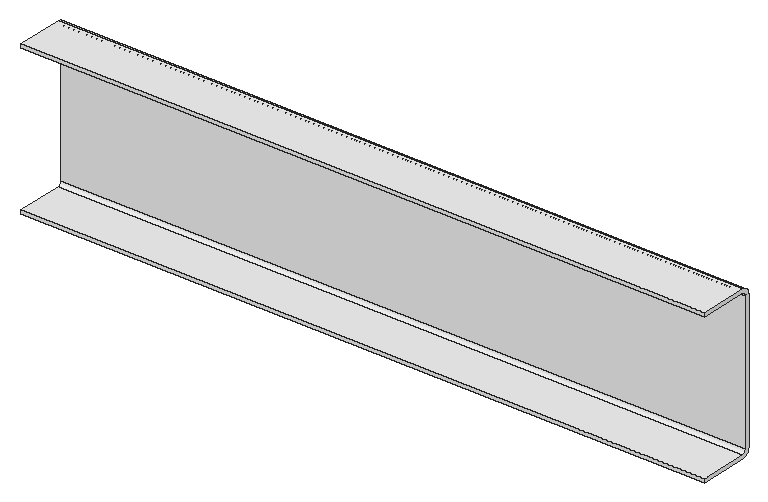
Revit family "Manômetro de luz - Guias da forração", category Quadro estrutural, Revit 2019
Family settings
  Arredondamento do comprimento do framing estrutural = 0 mm
  Forma do corte = Não definido
  Material para o comportamento do modelo = Aço
  Exportar sempre como geometria = Não
  Número OmniClass = 23.25.30.11.14.14
  Título OmniClass = Beams
  ID de item do Seek = Light Gauge-Furring Channels-0000-CAN-ENU
  Sempre na vertical = Sim
  Corte com vazios quando carregada = Não
  Representação simbólica = Das configurações de projeto
  Compartilhado = Não
  Exibir o pré-corte da família na vista da planta = Sim
Parameters (values of type "U250x90x6.0")
  t = 6 mm
  Structural Material [instance] = Aço leve galvaniado
  R = 2 * t  # 12 mm
  r = t  # 6 mm
  ey = 27.8 mm
  W = 0.01915
  B = 90 mm
  D = 250 mm
  Código de montagem = "B10"
  Length [instance] = 1500 mm
  A = 2439.00 mm²
Reference planes
  plane 1 "Centro (Frente/Trás)": y = 0
  plane 2: z = 0
  plane 3 "Centro (Esquerda/Direita)": x = 0.008
  plane 4 "Membro esquerdo": x = -556.99
  plane 5 "Membro direito": x = 566.21
  plane 6 "Superior": z = 125
  plane 7: z = -125
  plane 8 "Esquerda": x = -757.39
  plane 9 "Direita": x = 742.61
  plane 10: y = -62.2
  plane 11: y = 27.8
Forms (mm)
  Sweep 1, solid, material "Aço leve galvaniado" <- "Structural Material", detail levels medium
    path origin (0, 0, 0) x (1, 0, 0) y (0, 1, 0)
      loop
        line (566.21, 0) -> (-556.99, 0)
    profile origin (4.61, 0, 0) x (0, -1, 0) y (0, 0, 1)
      loop
        line (-27.8, 125) -> (-27.8, -125) -> (62.2, -125) -> (62.2, -119) -> (-21.8, -119) -> (-21.8, 119) -> (62.2, 119) -> (62.2, 125) -> (-27.8, 125)
  Sweep 2, solid, material "Aço leve galvaniado" <- "Structural Material", detail levels fine
    path origin (0, 0, 0) x (1, 0, 0) y (0, 1, 0)
      loop
        line (566.21, 0) -> (-556.99, 0)
    profile origin (4.61, 0, 0) x (0, -1, 0) y (0, 0, 1)
      loop
        line (62.2, 125) -> (-15.8, 125)
        arc (-15.8, 125) -> (-24.285, 121.485) -> (-27.8, 113) r 12
        line (-27.8, 113) -> (-27.8, -113)
        arc (-27.8, -113) -> (-24.285, -121.485) -> (-15.8, -125) r 12
        line (-15.8, -125) -> (62.2, -125) -> (62.2, -119) -> (-15.8, -119)
        arc (-15.8, -119) -> (-20.043, -117.243) -> (-21.8, -113) r 6
        line (-21.8, -113) -> (-21.8, 113)
        arc (-21.8, 113) -> (-20.043, 117.243) -> (-15.8, 119) r 6
        line (-15.8, 119) -> (62.2, 119) -> (62.2, 125)
Lines and regions (mm)
  symbolic lines, style "Faces ocultas", detail levels medium+fine
    curve 1: line (-556.99, 21.8, 0) -> (566.21, 21.8, 0)
    curve 2: line (-556.99, 4.762, 119) -> (566.21, 4.762, 119)
    curve 3: line (-556.99, 4.763, -119) -> (566.21, 4.763, -119)
  symbolic lines, style "Símbolos de vara", detail levels coarse
    curve 4: line (-757.39, 27.8, -125) -> (-757.39, -62.2, -125)
    curve 5: line (-757.39, 27.8, 125) -> (-757.39, -62.2, 125)
    curve 6: line (-757.39, 27.8, 125) -> (-757.39, 27.8, -125)
Dimensions and locks
  "D": plane 7 to plane 6 "Superior"
  equal spacing: plane 7, plane 2, plane 6 "Superior"
  "Length": plane 8 "Esquerda" to plane 9 "Direita"
  "t": plane 6 "Superior" to Sweep 1 sketch curve
  "t": plane 7 to Sweep 1 sketch curve
  "B": plane 11 to plane 10
  "ey": plane 11 to plane 1 "Centro (Frente/Trás)"
  "t": plane 11 to Sweep 1 sketch curve
  "t": curve 1 to Sweep 1
  "r": radius of Sweep 2 sketch curve  (x2)
  "R": radius of Sweep 2 sketch curve  (x2)
  aligned and locked: Sweep 1 sketch curve to plane 6 "Superior"
  aligned and locked: plane 7 to Sweep 1 sketch curve
  aligned and locked: plane 7 to Sweep 1
  aligned and locked: Sweep 1 to plane 6 "Superior"
  aligned and locked: plane 6 "Superior" to curve 5
  aligned and locked: plane 10 to Sweep 1 sketch curve  (x2)
  aligned and locked: Sweep 1 sketch curve to plane 11
  aligned and locked: Sweep 2 sketch curve to Sweep 1  (x4)
  aligned and locked: Sweep 1 to Sweep 2 sketch curve  (x4)
  aligned and locked: curve 6 to plane 11
  aligned and locked: curve 2 to Sweep 2
  aligned and locked: curve 3 to Sweep 2
  aligned and locked: plane 4 "Membro esquerdo" to Sweep 1 sketch curve
  aligned and locked: plane 5 "Membro direito" to Sweep 1 sketch curve
  aligned and locked: plane 4 "Membro esquerdo" to Sweep 2 sketch curve
  aligned and locked: plane 5 "Membro direito" to Sweep 2 sketch curve
  aligned and locked: plane 4 "Membro esquerdo" to curve 1
  aligned and locked: plane 5 "Membro direito" to curve 1
  aligned and locked: plane 4 "Membro esquerdo" to curve 2
  aligned and locked: plane 5 "Membro direito" to curve 2
  aligned and locked: plane 4 "Membro esquerdo" to curve 3
  aligned and locked: plane 5 "Membro direito" to curve 3
Automatic sketch dimensions
  Sweep 2 sketch curve to plane 1 "Centro (Frente/Trás)" = 0 mm
  curve 5 to plane 10 = 0 mm
  curve 4 to plane 7 = 0 mm
  curve 4 to plane 10 = 0 mm
  Sweep 1 sketch curve to plane 1 "Centro (Frente/Trás)" = 0 mm
Types in the file's own list only (118): name | t | R | r | ey | W | B | D | A
  U50x20x2.0 | 2 mm | 4 mm | 2 mm | 6 mm | 0.00129 | 20 mm | 50 mm | 164.00 mm²
  U50x20x2.5 | 3 mm | 5 mm | 3 mm | 6 mm | 0.00158 | 20 mm | 50 mm | 201.00 mm²
  U50x20x3.0 | 3 mm | 6 mm | 3 mm | 6 mm | 0.00184 | 20 mm | 50 mm | 235.00 mm²
  U50x20x3.5 | 4 mm | 7 mm | 4 mm | 5 mm | 0.0021 | 20 mm | 50 mm | 267.00 mm²
  U50x25x1.52 | 2 mm | 3 mm | 2 mm | 7 mm | 0.00112 | 25 mm | 50 mm | 142.00 mm²
  U50x25x1.90 | 2 mm | 4 mm | 2 mm | 7 mm | 0.00138 | 25 mm | 50 mm | 175.00 mm²
  U50x25x2.28 | 2 mm | 5 mm | 2 mm | 7 mm | 0.00162 | 25 mm | 50 mm | 207.00 mm²
  U50x25x2.66 | 3 mm | 5 mm | 3 mm | 8 mm | 0.00186 | 25 mm | 50 mm | 238.00 mm²
  U50x25x3.04 | 3 mm | 6 mm | 3 mm | 8 mm | 0.0021 | 25 mm | 50 mm | 267.00 mm²
  U50x25x4.00 | 4 mm | 8 mm | 4 mm | 7 mm | 0.00265 | 25 mm | 50 mm | 337.00 mm²
  U50x30x2.5 | 3 mm | 5 mm | 3 mm | 11 mm | 0.00197 | 30 mm | 50 mm | 251.00 mm²
  U50x30x3.0 | 3 mm | 6 mm | 3 mm | 10 mm | 0.00231 | 30 mm | 50 mm | 295.00 mm²
  U50x30x4.0 | 4 mm | 8 mm | 4 mm | 10 mm | 0.00296 | 30 mm | 50 mm | 377.00 mm²
  U50x40x2.0 | 2 mm | 4 mm | 2 mm | 16 mm | 0.00192 | 40 mm | 50 mm | 244.00 mm²
  U50x40x3.0 | 3 mm | 6 mm | 3 mm | 15 mm | 0.00278 | 40 mm | 50 mm | 355.00 mm²
  U50x40x4.0 | 4 mm | 8 mm | 4 mm | 15 mm | 0.00359 | 40 mm | 50 mm | 457.00 mm²
  U60x25x2.5 | 3 mm | 5 mm | 3 mm | 8 mm | 0.00197 | 25 mm | 60 mm | 251.00 mm²
  U60x25x3.0 | 3 mm | 6 mm | 3 mm | 7 mm | 0.00231 | 25 mm | 60 mm | 295.00 mm²
  U60x30x2.0 | 2 mm | 4 mm | 2 mm | 10 mm | 0.00176 | 30 mm | 60 mm | 224.00 mm²
  U60x30x3.0 | 3 mm | 6 mm | 3 mm | 10 mm | 0.00255 | 30 mm | 60 mm | 325.00 mm²
  U60x30x4.0 | 4 mm | 8 mm | 4 mm | 9 mm | 0.00328 | 30 mm | 60 mm | 417.00 mm²
  U60x40x2.0 | 2 mm | 4 mm | 2 mm | 15 mm | 0.00208 | 40 mm | 60 mm | 264.00 mm²
  U60x40x2.5 | 3 mm | 5 mm | 3 mm | 15 mm | 0.00256 | 40 mm | 60 mm | 326.00 mm²
  U60x40x3.0 | 3 mm | 6 mm | 3 mm | 15 mm | 0.00302 | 40 mm | 60 mm | 385.00 mm²
  U60x40x4.0 | 4 mm | 8 mm | 4 mm | 14 mm | 0.0039 | 40 mm | 60 mm | 497.00 mm²
  U75x40x1.52 | 2 mm | 3 mm | 2 mm | 11 mm | 0.00177 | 40 mm | 75 mm | 226.00 mm²
  U75x40x1.90 | 2 mm | 4 mm | 2 mm | 11 mm | 0.0022 | 40 mm | 75 mm | 280.00 mm²
  U75x40x2.28 | 2 mm | 5 mm | 2 mm | 11 mm | 0.00261 | 40 mm | 75 mm | 332.00 mm²
  U75x40x2.66 | 3 mm | 5 mm | 3 mm | 12 mm | 0.00301 | 40 mm | 75 mm | 384.00 mm²
  U75x40x3.04 | 3 mm | 6 mm | 3 mm | 12 mm | 0.00341 | 40 mm | 75 mm | 435.00 mm²
  U75x40x3.42 | 3 mm | 7 mm | 3 mm | 12 mm | 0.0038 | 40 mm | 75 mm | 484.00 mm²
  U75x40x3.80 | 4 mm | 8 mm | 4 mm | 12 mm | 0.00417 | 40 mm | 75 mm | 532.00 mm²
  U75x40x4.18 | 4 mm | 8 mm | 4 mm | 12 mm | 0.00454 | 40 mm | 75 mm | 579.00 mm²
  U75x40x4.76 | 5 mm | 10 mm | 5 mm | 13 mm | 0.00509 | 40 mm | 75 mm | 648.00 mm²
  U75x50x3.0 | 3 mm | 6 mm | 3 mm | 19 mm | 0.00384 | 50 mm | 75 mm | 490.00 mm²
  U90x25x2.5 | 3 mm | 5 mm | 3 mm | 7 mm | 0.00256 | 25 mm | 90 mm | 326.00 mm²
  U90x25x3.0 | 3 mm | 6 mm | 3 mm | 6 mm | 0.00302 | 25 mm | 90 mm | 385.00 mm²
  U90x25x4.0 | 4 mm | 8 mm | 4 mm | 6 mm | 0.0039 | 25 mm | 90 mm | 497.00 mm²
  U90x40x3.0 | 3 mm | 6 mm | 3 mm | 13 mm | 0.00373 | 40 mm | 90 mm | 475.00 mm²
  U90x40x4.0 | 4 mm | 8 mm | 4 mm | 13 mm | 0.00485 | 40 mm | 90 mm | 617.00 mm²
  U90x60x4.0 | 4 mm | 8 mm | 4 mm | 22 mm | 0.0061 | 60 mm | 90 mm | 777.00 mm²
  U90x60x5.0 | 5 mm | 10 mm | 5 mm | 22 mm | 0.00747 | 60 mm | 90 mm | 952.00 mm²
  U90x60x6.0 | 6 mm | 12 mm | 6 mm | 21 mm | 0.00878 | 60 mm | 90 mm | 1119.00 mm²
  U90x80x5.0 | 5 mm | 10 mm | 5 mm | 32 mm | 0.00904 | 80 mm | 90 mm | 1152.00 mm²
  U90x80x6.0 | 6 mm | 12 mm | 6 mm | 31 mm | 0.01067 | 80 mm | 90 mm | 1359.00 mm²
  U100x25x2.5 | 3 mm | 5 mm | 3 mm | 6 mm | 0.00275 | 25 mm | 100 mm | 351.00 mm²
  U100x25x3.0 | 3 mm | 6 mm | 3 mm | 6 mm | 0.00326 | 25 mm | 100 mm | 415.00 mm²
  U100x25x4.0 | 4 mm | 8 mm | 4 mm | 5 mm | 0.00422 | 25 mm | 100 mm | 537.00 mm²
  U100x40x1.52 | 2 mm | 3 mm | 2 mm | 10 mm | 0.00207 | 40 mm | 100 mm | 264.00 mm²
  U100x40x1.90 | 2 mm | 4 mm | 2 mm | 10 mm | 0.00257 | 40 mm | 100 mm | 327.00 mm²
  U100x40x2.28 | 2 mm | 5 mm | 2 mm | 10 mm | 0.00306 | 40 mm | 100 mm | 389.00 mm²
  U100x40x2.66 | 3 mm | 5 mm | 3 mm | 10 mm | 0.00354 | 40 mm | 100 mm | 451.00 mm²
  U100x40x3.04 | 3 mm | 6 mm | 3 mm | 10 mm | 0.00401 | 40 mm | 100 mm | 511.00 mm²
  U100x40x3.42 | 3 mm | 7 mm | 3 mm | 10 mm | 0.00447 | 40 mm | 100 mm | 569.00 mm²
  U100x40x3.80 | 4 mm | 8 mm | 4 mm | 11 mm | 0.00492 | 40 mm | 100 mm | 627.00 mm²
  U100x40x4.18 | 4 mm | 8 mm | 4 mm | 11 mm | 0.00536 | 40 mm | 100 mm | 683.00 mm²
  U100x40x4.76 | 5 mm | 10 mm | 5 mm | 11 mm | 0.00602 | 40 mm | 100 mm | 767.00 mm²
  U100x50x1.52 | 2 mm | 3 mm | 2 mm | 13 mm | 0.00231 | 50 mm | 100 mm | 294.00 mm²
  U100x50x1.90 | 2 mm | 4 mm | 2 mm | 13 mm | 0.00287 | 50 mm | 100 mm | 365.00 mm²
  U100x50x2.28 | 2 mm | 5 mm | 2 mm | 14 mm | 0.00341 | 50 mm | 100 mm | 435.00 mm²
  U100x50x2.66 | 3 mm | 5 mm | 3 mm | 14 mm | 0.00395 | 50 mm | 100 mm | 504.00 mm²
  U100x50x3.04 | 3 mm | 6 mm | 3 mm | 14 mm | 0.00448 | 50 mm | 100 mm | 571.00 mm²
  U100x50x3.42 | 3 mm | 7 mm | 3 mm | 14 mm | 0.005 | 50 mm | 100 mm | 638.00 mm²
  U100x50x3.80 | 4 mm | 8 mm | 4 mm | 14 mm | 0.00552 | 50 mm | 100 mm | 703.00 mm²
  U100x50x4.18 | 4 mm | 8 mm | 4 mm | 15 mm | 0.00602 | 50 mm | 100 mm | 767.00 mm²
  U100x50x4.76 | 5 mm | 10 mm | 5 mm | 15 mm | 0.00677 | 50 mm | 100 mm | 863.00 mm²
  U100x50x6.0 | 6 mm | 12 mm | 6 mm | 16 mm | 0.00831 | 50 mm | 100 mm | 1059.00 mm²
  U100x60x4.0 | 4 mm | 8 mm | 4 mm | 22 mm | 0.00642 | 60 mm | 100 mm | 817.00 mm²
  U100x60x5.0 | 5 mm | 10 mm | 5 mm | 21 mm | 0.00787 | 60 mm | 100 mm | 1002.00 mm²
  U100x60x6.0 | 6 mm | 12 mm | 6 mm | 21 mm | 0.00926 | 60 mm | 100 mm | 1179.00 mm²
  U100x80x5.0 | 5 mm | 10 mm | 5 mm | 31 mm | 0.00944 | 80 mm | 100 mm | 1202.00 mm²
  U100x80x6.0 | 6 mm | 12 mm | 6 mm | 30 mm | 0.01114 | 80 mm | 100 mm | 1419.00 mm²
  U100x80x8.0 | 8 mm | 16 mm | 8 mm | 29 mm | 0.01436 | 80 mm | 100 mm | 1819.00 mm²
  U125x50x6.0 | 6 mm | 12 mm | 6 mm | 15 mm | 0.00949 | 50 mm | 125 mm | 1209.00 mm²
  U127x50x1.52 | 2 mm | 3 mm | 2 mm | 12 mm | 0.00263 | 50 mm | 127 mm | 335.00 mm²
  U127x50x1.90 | 2 mm | 4 mm | 2 mm | 12 mm | 0.00327 | 50 mm | 127 mm | 417.00 mm²
  U127x50x2.28 | 2 mm | 5 mm | 2 mm | 12 mm | 0.0039 | 50 mm | 127 mm | 497.00 mm²
  U127x50x2.66 | 3 mm | 5 mm | 3 mm | 12 mm | 0.00452 | 50 mm | 127 mm | 576.00 mm²
  U127x50x3.04 | 3 mm | 6 mm | 3 mm | 12 mm | 0.00513 | 50 mm | 127 mm | 653.00 mm²
  U127x50x3.42 | 3 mm | 7 mm | 3 mm | 13 mm | 0.00573 | 50 mm | 127 mm | 730.00 mm²
  U127x50x3.80 | 4 mm | 8 mm | 4 mm | 13 mm | 0.00632 | 50 mm | 127 mm | 805.00 mm²
  U127x50x4.18 | 4 mm | 8 mm | 4 mm | 13 mm | 0.00691 | 50 mm | 127 mm | 880.00 mm²
  U127x50x4.76 | 5 mm | 10 mm | 5 mm | 13 mm | 0.00778 | 50 mm | 127 mm | 991.00 mm²
  U150x50x1.90 | 2 mm | 4 mm | 2 mm | 11 mm | 0.00361 | 50 mm | 150 mm | 460.00 mm²
  U150x50x2.28 | 2 mm | 5 mm | 2 mm | 11 mm | 0.00431 | 50 mm | 150 mm | 549.00 mm²
  U150x50x2.66 | 3 mm | 5 mm | 3 mm | 11 mm | 0.005 | 50 mm | 150 mm | 637.00 mm²
  U150x50x3.04 | 3 mm | 6 mm | 3 mm | 11 mm | 0.00568 | 50 mm | 150 mm | 723.00 mm²
  U150x50x3.42 | 3 mm | 7 mm | 3 mm | 12 mm | 0.00635 | 50 mm | 150 mm | 809.00 mm²
  U150x50x3.80 | 4 mm | 8 mm | 4 mm | 12 mm | 0.00701 | 50 mm | 150 mm | 893.00 mm²
  U150x50x4.18 | 4 mm | 8 mm | 4 mm | 12 mm | 0.00766 | 50 mm | 150 mm | 976.00 mm²
  U150x50x4.76 | 5 mm | 10 mm | 5 mm | 12 mm | 0.00864 | 50 mm | 150 mm | 1101.00 mm²
  U150x50x6.0 | 6 mm | 12 mm | 6 mm | 14 mm | 0.01067 | 50 mm | 150 mm | 1359.00 mm²
  U150x50x8.0 | 8 mm | 16 mm | 8 mm | 13 mm | 0.01373 | 50 mm | 150 mm | 1749.00 mm²
  U150x70x5.0 | 5 mm | 10 mm | 5 mm | 23 mm | 0.01061 | 70 mm | 150 mm | 1352.00 mm²
  U175x55x6.0 | 6 mm | 12 mm | 6 mm | 15 mm | 0.01232 | 55 mm | 175 mm | 1569.00 mm²
  U175x70x6.0 | 6 mm | 12 mm | 6 mm | 22 mm | 0.01373 | 70 mm | 175 mm | 1749.00 mm²
  U200x50x1.90 | 2 mm | 4 mm | 2 mm | 9 mm | 0.00436 | 50 mm | 200 mm | 555.00 mm²
  U200x50x2.28 | 2 mm | 5 mm | 2 mm | 9 mm | 0.0052 | 50 mm | 200 mm | 663.00 mm²
  U200x50x2.66 | 3 mm | 5 mm | 3 mm | 10 mm | 0.00604 | 50 mm | 200 mm | 770.00 mm²
  U200x50x3.04 | 3 mm | 6 mm | 3 mm | 10 mm | 0.00687 | 50 mm | 200 mm | 875.00 mm²
  U200x50x3.42 | 3 mm | 7 mm | 3 mm | 10 mm | 0.00769 | 50 mm | 200 mm | 980.00 mm²
  U200x50x3.80 | 4 mm | 8 mm | 4 mm | 10 mm | 0.0085 | 50 mm | 200 mm | 1083.00 mm²
  U200x50x4.18 | 4 mm | 8 mm | 4 mm | 10 mm | 0.0093 | 50 mm | 200 mm | 1185.00 mm²
  U200x50x4.76 | 5 mm | 10 mm | 5 mm | 10 mm | 0.01051 | 50 mm | 200 mm | 1339.00 mm²
  U200x50x6.0 | 6 mm | 12 mm | 6 mm | 12 mm | 0.01302 | 50 mm | 200 mm | 1659.00 mm²
  U200x50x8.0 | 8 mm | 16 mm | 8 mm | 11 mm | 0.01687 | 50 mm | 200 mm | 2149.00 mm²
  U200x70x5.0 | 5 mm | 10 mm | 5 mm | 21 mm | 0.01258 | 70 mm | 200 mm | 1602.00 mm²
  U200x70x6.0 | 6 mm | 12 mm | 6 mm | 21 mm | 0.01491 | 70 mm | 200 mm | 1899.00 mm²
  U200x70x8.0 | 8 mm | 16 mm | 8 mm | 20 mm | 0.01938 | 70 mm | 200 mm | 2469.00 mm²
  U200x80x5.0 | 5 mm | 10 mm | 5 mm | 26 mm | 0.01336 | 80 mm | 200 mm | 1702.00 mm²
  U200x80x6.0 | 6 mm | 12 mm | 6 mm | 25 mm | 0.01585 | 80 mm | 200 mm | 2019.00 mm²
  U200x80x8.0 | 8 mm | 16 mm | 8 mm | 24 mm | 0.02064 | 80 mm | 200 mm | 2629.00 mm²
  U240x70x6.0 | 6 mm | 12 mm | 6 mm | 19 mm | 0.01679 | 70 mm | 240 mm | 2139.00 mm²
  U240x70x8.0 | 8 mm | 16 mm | 8 mm | 18 mm | 0.0219 | 70 mm | 240 mm | 2789.00 mm²
  U250x75x6.0 | 6 mm | 12 mm | 6 mm | 21 mm | 0.01773 | 75 mm | 250 mm | 2259.00 mm²
  U300x60x6.0 | 6 mm | 12 mm | 6 mm | 13 mm | 0.01868 | 60 mm | 300 mm | 2379.00 mm²
  U300x80x6.0 | 6 mm | 12 mm | 6 mm | 22 mm | 0.02056 | 80 mm | 300 mm | 2619.00 mm²
  U300x90x8.0 | 8 mm | 16 mm | 8 mm | 25 mm | 0.02818 | 90 mm | 300 mm | 3589.00 mm²
